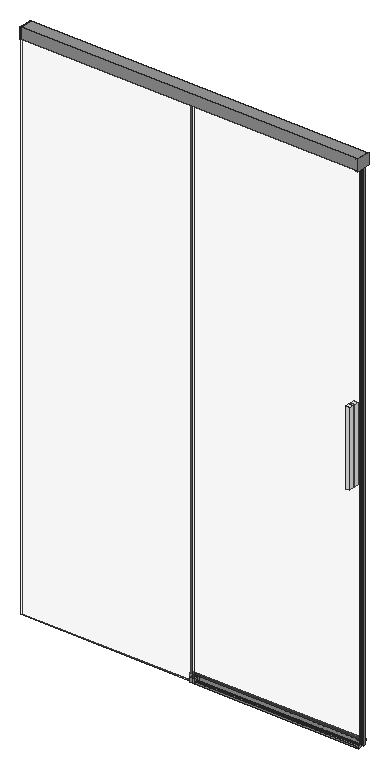
Revit family "Sanitary_Shower-screens_Duscholux_D5Custom20_Slider-door-shower", category Aparatos sanitarios, Revit 2019
Family settings
  Cota de conector redondo = Diámetro de uso
  Tipo de pieza = Normal
  Número OmniClass = 23.45.00.00
  Título OmniClass = Sanitary, Laundry, and Cleaning Equipment
  Se basa en plano de trabajo = No
  Siempre vertical = Sí
  Corte con vacíos al cargar = No
  Compartido = No
  Punto de cálculo de habitación = No
Parameters (values of type "Platinum Aluminium Finish")
  Uper profile guide = Anodized Aluminium_Duscholux Material-Platinum Finish
  URL = "http://www.duscholux.es/"
  Thickness Safety Glass Sliding = 8 mm  # constant formula
  Technical Inspection Certificate (Applus) = "http://www.duscholux.es/resources/custom/var/APPLUS_en.pdf"
  Series = "D5"
  Ref. = "UAL / UAR"
  Products = "http://www.duscholux.es/mamparas_filtro.aspx?es"
  Optional = "Towel rail / Shelf / Customizable Uper profile guide"
  Opening System Image = "http://blob.duscholux.es/pluma512/FDIzq1f1pcorredera.gif"
  Opening System = "Sliding"
  Opening Percentage = 0
  Modelo = "D5 Custom20"
  Maintenance and Cleaning = "http://www.duscholux.es/mamparas_limpieza.aspx?en"
  Image = "https://duscholux.es/resources/custom/img/mamparas/D5%20CUSTOM20/modelos/1F1PFDC/mampara_h.jpg"
  Handle Material = Zamac_Duscholux Material-Chrome Finish
  Glass in Building UNE EN 12150 = "CE Conformity marking"
  Glass Material = Glass_Material-Duscholux
  Frame Material = Anodized Aluminium_Duscholux Material-Platinum Finish
  Fact Sheet = "https://duscholux.blob.core.windows.net/pdf2022/en/Custom1F1PFD.pdf"
  Fabricante = "Duscholux Ibérica, S.A."
  Thickness Safety Glass Fixed Panel = 8 mm  # constant formula
  Environmental Management ISO 14001 = "ECOEMBES Certificate"
  Descripción = "Front 1 fixed + 1 sliding door shower."
  Configuration enclosure = "http://configuratumampara.duscholux.es/eCatalogo.aspx"
  Components = "Eropean components"
  Combinations = "Lateral 90°"
  Código de montaje = "C1030200"
  Certified Quality UNE EN 14428 = "http://www.duscholux.es/duscholux_downloads.aspx?es"
  Opening Door = (((Min Max Width / 2) - 108 mm) * Opening Percentage / 100) + 5.5 mm  # 5.5 mm
  Sliding Door Width = (Min Max Width / 2) - 7.7 mm + 14 mm  # 806.3 mm
  Min Max Width = if(Width < 1160 mm, 1160 mm, if(Width > 2000 mm, 2000 mm, Width))  # 1600 mm
  Width = 1600 mm
  Handle Height = Max Height / 2  # 1250 mm
  Max Height = if(Height > 2500 mm, 2500 mm, Height)  # 2500 mm
  Height = 2500 mm
  Accesories Material = Anodized Aluminium_Duscholux Material-Platinum Finish
Types (4, lengths in mm): name | Uper profile guide | Handle Material | Frame Material | Descripción | Accesories Material
  (no name) | Anodized Aluminium_Duscholux Material-Platinum Finish | Zamac_Duscholux Material-Chrome Finish | Anodized Aluminium_Duscholux Material-Platinum Finish | "Front 1 fixed + 1 sliding door shower." | Anodized Aluminium_Duscholux Material-Platinum Finish
  Matte Silver Aluminium Finish | Anodized Aluminium_Duscholux Material-Matte Silver Finish | Zamac_Duscholux Material-Chrome Finish | Anodized Aluminium_Duscholux Material-Matte Silver Finish | "Front 1 fixed + 1 sliding door shower." | Anodized Aluminium_Duscholux Material-Platinum Finish
  Platinum Aluminium Finish | Anodized Aluminium_Duscholux Material-Platinum Finish | Zamac_Duscholux Material-Chrome Finish | Anodized Aluminium_Duscholux Material-Platinum Finish | "Front 1 fixed + 1 sliding door shower." | Anodized Aluminium_Duscholux Material-Platinum Finish
  Black Aluminium Finish | Anodized Aluminium_Duscholux Material-Black Finish | Anodized Aluminium_Duscholux Material-Black Finish | Anodized Aluminium_Duscholux Material-Black Finish | "Front 1 fixed + 1 sliding door shower" | Anodized Aluminium_Duscholux Material-Black Finish
Reference planes
  plane 1 "Centro (Frontal/Posterior)": y = 0
  plane 2: z = 0
  plane 3 "Centro (Izquierda/Derecha)": x = -5.5
  plane 4: x = 805.5
  plane 5: z = 2500
  plane 6: x = 1591.5
  plane 7: x = -8.5
  plane 8: x = 18
  plane 9: z = 1250
  plane 10: x = 1588.5
  plane 11: x = 791.5
  plane 12: x = 777.25
  plane 13: y = 26.104
  plane 14: x = 1583.5
  plane 15: z = 0
  plane 16: x = 814.5
  plane 17: z = 2448
  plane 18: z = 2453.154
Forms (mm)
  Extrusion 1, solid, material "Glass_Material-Duscholux" <- "Glass Material"
    sketch origin (500, 0, 0) x (1, 0, 0) y (0, 1, 0)
      loop
        line (-508.5, 4) -> (-508.5, -4) -> (305.5, -4) -> (305.5, 4) -> (-508.5, 4)
    from 1.937 to 2453.154
  Extrusion 2, solid, material "Glass_Material-Duscholux" <- "Glass Material"
    sketch origin (-224.786, -5.278, 0) x (1, 0, 0) y (0, 1, 0)
      loop
        line (996.486, 35.382) -> (996.486, 27.382) -> (1802.786, 27.382) -> (1802.786, 35.382) -> (996.486, 35.382)
    from 3.247 to 2448
  Extrusion 3, solid, material "Anodized Aluminium_Duscholux Material-Platinum Finish" <- "Accesories Material", detail levels fine
    sketch origin (-5.5, -2.57, 0) x (0, 1, 0) y (0, 0, 1)
      loop
        line (-2.433, 7.579) -> (-2.433, 0) -> (7.636, 0) -> (7.636, 7.574)
        arc (7.636, 7.574) -> (6.912, 9.32) -> (5.166, 10.043) r 2.47
        line (5.166, 10.043) -> (0.032, 10.043)
        arc (0.032, 10.043) -> (-1.711, 9.321) -> (-2.433, 7.579) r 2.465
    from 820 to 1597
  Extrusion 4, solid, material "Anodized Aluminium_Duscholux Material-Platinum Finish" <- "Uper profile guide"
    sketch origin (-5.5, 0, 0) x (0, 1, 0) y (0, 0, 1)
      loop
        line (-9.997, 2499) -> (-9.997, 2449.124) -> (-7.5, 2449.124) -> (-7.5, 2499) -> (-9.997, 2499)
    from 0 to 1594
  Extrusion 5, solid, material "Anodized Aluminium_Duscholux Material-Platinum Finish" <- "Accesories Material"
    sketch origin (0, 0, 0) x (1, 0, 0) y (0, 1, 0)
      loop
        line (1591.5, 30.913) -> (1584.329, 30.405)
        arc (1584.329, 30.405) -> (1583.739, 30.119) -> (1583.5, 29.508) r 0.9
        line (1583.5, 29.508) -> (1583.5, 22.787)
        arc (1583.5, 22.787) -> (1583.739, 22.176) -> (1584.329, 21.89) r 0.9
        line (1584.329, 21.89) -> (1591.5, 21.382) -> (1591.5, 30.913)
    from 0 to 2448
  Extrusion 6, solid, material "Anodized Aluminium_Duscholux Material-Platinum Finish" <- "Frame Material"
    sketch origin (-5.5, 0, 0) x (0, 1, 0) y (0, 0, 1)
      loop
        line (-9.993, 2500) -> (-9.993, 2499) -> (-7.5, 2499) -> (-7.5, 2449.124) -> (-9.993, 2449.124) -> (-9.993, 2448) -> (-5.497, 2448) -> (-5.497, 2453.154) -> (5.503, 2453.154) -> (5.503, 2448) -> (21.382, 2448) -> (21.382, 2451.5) -> (7.803, 2451.5) -> (7.803, 2489.372) -> (42.403, 2489.372) -> (42.403, 2451.5) -> (33.536, 2451.5) -> (30.913, 2451.5) -> (30.913, 2448) -> (51.003, 2448) -> (51.003, 2500) -> (-9.993, 2500)
    from 0 to 1594
  Extrusion 7, solid, material "Anodized Aluminium_Duscholux Material-Platinum Finish" <- "Accesories Material"
    sketch origin (-5.5, 0, 0) x (0, 1, 0) y (0, 0, 1)
      loop
        line (51.003, 2500) -> (-9.993, 2500) -> (-9.993, 2448) -> (51.003, 2448) -> (51.003, 2500)
    from 1594 to 1597
  Extrusion 8, solid, material "Anodized Aluminium_Duscholux Material-Platinum Finish" <- "Accesories Material"
    sketch origin (-5.5, 0, 0) x (0, 1, 0) y (0, 0, 1)
      loop
        line (51.003, 2500) -> (-9.993, 2500) -> (-9.993, 2448) -> (-5.497, 2448) -> (-5.497, 2453.154) -> (5.503, 2453.154) -> (5.503, 2448) -> (51.003, 2448) -> (51.003, 2500)
    from -3 to 0
  Extrusion 9, solid, material "Anodized Aluminium_Duscholux Material-Platinum Finish" <- "Accesories Material"
    sketch origin (0, 0, 0) x (1, 0, 0) y (0, 1, 0)
      loop
        line (791.5, 6.547) -> (791.5, 4.098) -> (805.5, 4.098) -> (805.5, -4.002) -> (791.5, -4.002) -> (791.5, -6.452)
        arc (791.5, -6.452) -> (791.646, -6.806) -> (792, -6.952) r 0.5
        line (792, -6.952) -> (814, -6.952)
        arc (814, -6.952) -> (814.353, -6.806) -> (814.5, -6.452) r 0.5
        line (814.5, -6.452) -> (814.5, 6.548)
        arc (814.5, 6.548) -> (814.354, 6.901) -> (814, 7.047) r 0.5
        line (814, 7.047) -> (792, 7.047)
        arc (792, 7.047) -> (791.646, 6.901) -> (791.5, 6.547) r 0.5
    from 0 to 23
  Extrusion 10, solid, material "Anodized Aluminium_Duscholux Material-Platinum Finish" <- "Accesories Material"
    sketch origin (50, 0, 0) x (1, 0, 0) y (0, 1, 0)
      loop
        line (742.5, 8.348) -> (742.5, 7.047) -> (763.5, 7.047) -> (763.5, 8.348) -> (742.5, 8.348)
    from 0 to 18.641
  Extrusion 11, solid, material "Anodized Aluminium_Duscholux Material-Platinum Finish" <- "Accesories Material"
    sketch origin (-5.5, -1.517, 0) x (0, 1, 0) y (0, 0, 1)
      loop
        line (18.142, 0) -> (32.674, 0) -> (32.674, 1.937) -> (22.658, 1.937) -> (22.048, 3.247) -> (22.048, 17.613)
        arc (22.048, 17.613) -> (21.323, 18.338) -> (20.598, 17.613) r 0.725
        line (20.598, 17.613) -> (20.598, 2.081)
        arc (20.598, 2.081) -> (19.751, 0.59) -> (18.142, 0) r 2.49
    from 798 to 819
  Extrusion 12, solid, material "Anodized Aluminium_Duscholux Material-Platinum Finish" <- "Accesories Material"
    sketch origin (-5.5, 0, 0) x (0, 1, 0) y (0, 0, 1)
      loop
        line (16.624, 21.54) -> (8.348, 21.54) -> (8.348, 0) -> (16.624, 0)
        arc (16.624, 0) -> (18.234, 0.59) -> (19.08, 2.081) r 2.49
        line (19.08, 2.081) -> (19.08, 18.641)
        arc (19.08, 18.641) -> (18.524, 20.66) -> (16.624, 21.54) r 2.49
    from 797 to 820
  Extrusion 13, solid, material "Anodized Aluminium_Duscholux Material-Platinum Finish" <- "Accesories Material"
    sketch origin (147.305, 0, 0) x (1, 0, 0) y (0, 1, 0)
      loop
        line (1428.243, 30.104) -> (1430.695, 30.104) -> (1430.695, 22.104) -> (1428.243, 22.104) -> (1428.243, 21.295) -> (1435.417, 21.89)
        arc (1435.417, 21.89) -> (1436.005, 22.178) -> (1436.243, 22.787) r 0.9
        line (1436.243, 22.787) -> (1436.243, 29.508)
        arc (1436.243, 29.508) -> (1436.004, 30.119) -> (1435.413, 30.405) r 0.9
        line (1435.413, 30.405) -> (1428.243, 30.913) -> (1428.243, 30.104)
    from 0 to 2448
  Extrusion 14, solid, material "Plástico, transparente", detail levels fine
    sketch origin (-5.5, 0, 0) x (0, 1, 0) y (0, 0, 1)
      loop
        line (53.604, 7.939) -> (30.613, 19.957)
        arc (30.613, 19.957) -> (30.035, 19.897) -> (29.865, 19.34) r 0.526
        line (29.865, 19.34) -> (30.104, 18.42) -> (30.104, 3.247) -> (22.104, 3.247) -> (22.104, 19.859) -> (21.222, 19.757) -> (21.222, 1.937) -> (31.156, 1.937) -> (31.156, 15.691)
        arc (31.156, 15.691) -> (31.449, 16.325) -> (32.121, 16.515) r 0.834
        line (32.121, 16.515) -> (52.104, 6.92) -> (52.104, 1.207)
        arc (52.104, 1.207) -> (52.809, 0.774) -> (53.604, 1.006) r 1.02
        line (53.604, 1.006) -> (53.604, 7.939)
    from 777.2 to 1581.048
Cuts and joins
  joined: Extrusion 9, Extrusion 10
Lines and regions (mm)
  reference lines
    curve 1: line (-5.5, -2.4, 0) -> (-5.5, -2.4, 10)
Dimensions and locks
  "Width": plane 7 to plane 6
  locked: plane 7 to plane 3 "Centro (Izquierda/Derecha)" at 3
  "Handle Height": plane 9 to level
  level to Extrusion 3 = 10.043 mm
  locked: plane 10 to plane 6 at 3
  equal spacing: plane 7, plane 11, plane 6
  locked: plane 11 to plane 4 at 14
  locked: plane 12 to plane 11 at 14.25
  "Max Height": plane 5 to plane 2
  locked: plane 14 to plane 10 at 5
  locked: nested 2 to Extrusion 2 at 45
  locked: Extrusion 9 to Extrusion 2 at 19.753
  locked: plane 11 to plane 16 at 23
  locked: cut or joined group of Extrusion 9, Extrusion 10 to plane 16 at 1
  locked: plane 11 to Extrusion 11 at 1
  "Sliding Door Width": Extrusion 2 to Extrusion 2
  "Opening Door": Extrusion 2 to plane 14
  locked: plane 5 to plane 17 at 52
  locked: plane 5 to plane 18 at 46.846
  locked: Extrusion 14 to Extrusion 13 at 2.452
  aligned and locked: level to plane 2
  aligned and locked: Extrusion 4 to plane 3 "Centro (Izquierda/Derecha)"
  aligned and locked: plane 10 to Extrusion 4
  aligned and locked: plane 10 to Extrusion 6
  aligned and locked: Extrusion 4 to Extrusion 6
  aligned and locked: plane 6 to Extrusion 7
  aligned and locked: Extrusion 7 to plane 10
  aligned and locked: plane 9 to nested 2
  aligned and locked: plane 9 to nested 1
  aligned and locked: Extrusion 8 to plane 7
  aligned and locked: plane 3 "Centro (Izquierda/Derecha)" to Extrusion 8
  aligned and locked: Extrusion 11 to cut or joined group of Extrusion 9, Extrusion 10  (x2)
  aligned and locked: cut or joined group of Extrusion 9, Extrusion 10 to Extrusion 11
  aligned and locked: Extrusion 3 to plane 16
  aligned and locked: Extrusion 3 to Extrusion 12
  aligned and locked: Extrusion 12 to plane 11
  aligned and locked: Extrusion 5 to Extrusion 6
  aligned and locked: Extrusion 6 to plane 17
  aligned and locked: plane 18 to Extrusion 1
  aligned and locked: plane 17 to Extrusion 2
  aligned and locked: plane 6 to Extrusion 3
  aligned and locked: Extrusion 13 to Extrusion 2
  aligned and locked: Extrusion 13 to Extrusion 6
  aligned and locked: Extrusion 2 to Extrusion 14
Automatic sketch dimensions
  Extrusion 1 sketch curve to plane 7 = 0 mm
  Extrusion 1 sketch curve to plane 4 = 0 mm
  plane 1 "Centro (Frontal/Posterior)" to Extrusion 1 sketch curve = 4 mm
  Extrusion 1 sketch curve to plane 1 "Centro (Frontal/Posterior)" = 4 mm
  Extrusion 2 sketch curve to plane 13 = 4 mm
  Extrusion 2 sketch curve to plane 12 = 5.55 mm
  Extrusion 2 sketch curve to plane 14 = 5.5 mm
  plane 13 to Extrusion 2 sketch curve = 4 mm
  curve 1 to level = 0 mm
  plane 1 "Centro (Frontal/Posterior)" to curve 1 = 2.4 mm
  curve 1 to curve 1 = 10 mm
  Extrusion 3 sketch curve to level = 0 mm
  plane 1 "Centro (Frontal/Posterior)" to Extrusion 3 sketch curve = 5.003 mm
  Extrusion 3 sketch curve to Extrusion 3 sketch curve = 2.465 mm
  Extrusion 3 sketch curve to plane 1 "Centro (Frontal/Posterior)" = 2.596 mm
  Extrusion 3 sketch curve to plane 1 "Centro (Frontal/Posterior)" = 5.066 mm
  Extrusion 3 sketch curve to Extrusion 3 sketch curve = 7.574 mm
  plane 17 to Extrusion 4 sketch curve = 1.124 mm
  plane 1 "Centro (Frontal/Posterior)" to Extrusion 4 sketch curve = 9.997 mm
  Extrusion 4 sketch curve to Extrusion 4 sketch curve = 2.497 mm
  Extrusion 4 sketch curve to plane 5 = 1 mm
  Extrusion 5 sketch curve to plane 14 = 0 mm
  Extrusion 5 sketch curve to plane 6 = 0 mm
  plane 14 to Extrusion 5 sketch curve = 0.829 mm  (x2)
  Extrusion 5 sketch curve to Extrusion 5 sketch curve = 0.9 mm
  Extrusion 5 sketch curve to Extrusion 5 sketch curve = 0.071 mm
  Extrusion 5 sketch curve to plane 13 = 4.721 mm
  Extrusion 5 sketch curve to plane 13 = 4.214 mm
  plane 13 to Extrusion 5 sketch curve = 3.404 mm
  plane 13 to Extrusion 5 sketch curve = 4.809 mm
  Extrusion 6 sketch curve to plane 5 = 0 mm
  Extrusion 6 sketch curve to plane 17 = 0 mm  (x3)
  Extrusion 6 sketch curve to plane 18 = 0 mm
  plane 1 "Centro (Frontal/Posterior)" to Extrusion 6 sketch curve = 9.993 mm  (x2)
  plane 17 to Extrusion 6 sketch curve = 1.124 mm
  Extrusion 6 sketch curve to plane 5 = 1 mm
  Extrusion 6 sketch curve to Extrusion 6 sketch curve = 2.493 mm
  Extrusion 6 sketch curve to Extrusion 6 sketch curve = 2.003 mm
  Extrusion 6 sketch curve to plane 1 "Centro (Frontal/Posterior)" = 5.503 mm
  Extrusion 6 sketch curve to plane 1 "Centro (Frontal/Posterior)" = 7.803 mm
  Extrusion 6 sketch curve to plane 13 = 4.721 mm
  Extrusion 6 sketch curve to plane 18 = 1.654 mm  (x2)
  plane 13 to Extrusion 6 sketch curve = 4.809 mm
  Extrusion 6 sketch curve to Extrusion 6 sketch curve = 2.623 mm
  plane 13 to Extrusion 6 sketch curve = 16.3 mm
  Extrusion 6 sketch curve to Extrusion 6 sketch curve = 8.6 mm
  Extrusion 6 sketch curve to plane 5 = 10.628 mm
  Extrusion 7 sketch curve to plane 5 = 0 mm
  Extrusion 7 sketch curve to plane 17 = 0 mm
  plane 1 "Centro (Frontal/Posterior)" to Extrusion 7 sketch curve = 9.993 mm
  plane 13 to Extrusion 7 sketch curve = 24.9 mm
  Extrusion 8 sketch curve to plane 5 = 0 mm
  Extrusion 8 sketch curve to plane 17 = 0 mm  (x2)
  Extrusion 8 sketch curve to plane 18 = 0 mm
  plane 1 "Centro (Frontal/Posterior)" to Extrusion 8 sketch curve = 9.993 mm
  plane 1 "Centro (Frontal/Posterior)" to Extrusion 8 sketch curve = 5.497 mm
  Extrusion 8 sketch curve to plane 1 "Centro (Frontal/Posterior)" = 5.503 mm
  plane 13 to Extrusion 8 sketch curve = 24.9 mm
  Extrusion 9 sketch curve to plane 4 = 0 mm
  Extrusion 9 sketch curve to plane 16 = 0 mm
  plane 11 to Extrusion 9 sketch curve = 0.5 mm  (x2)
  plane 11 to Extrusion 9 sketch curve = 0 mm
  Extrusion 9 sketch curve to plane 11 = 0 mm
  Extrusion 9 sketch curve to plane 16 = 0.5 mm  (x2)
  plane 1 "Centro (Frontal/Posterior)" to Extrusion 9 sketch curve = 6.952 mm
  Extrusion 9 sketch curve to Extrusion 9 sketch curve = 2.45 mm
  Extrusion 9 sketch curve to plane 1 "Centro (Frontal/Posterior)" = 4.098 mm
  Extrusion 9 sketch curve to Extrusion 9 sketch curve = 2.449 mm
  plane 11 to Extrusion 10 sketch curve = 1 mm
  Extrusion 10 sketch curve to plane 16 = 1 mm
  Extrusion 10 sketch curve to plane 1 "Centro (Frontal/Posterior)" = 7.047 mm
  Extrusion 10 sketch curve to Extrusion 10 sketch curve = 1.3 mm
  Extrusion 11 sketch curve to level = 0 mm
  Extrusion 11 sketch curve to plane 13 = 9.479 mm
  Extrusion 11 sketch curve to plane 13 = 7.023 mm
  Extrusion 11 sketch curve to Extrusion 11 sketch curve = 0.725 mm
  level to Extrusion 11 sketch curve = 1.937 mm
  Extrusion 11 sketch curve to Extrusion 11 sketch curve = 0.611 mm
  plane 13 to Extrusion 11 sketch curve = 5.053 mm
  Extrusion 11 sketch curve to Extrusion 11 sketch curve = 0.143 mm
  Extrusion 11 sketch curve to Extrusion 11 sketch curve = 1.31 mm
  Extrusion 11 sketch curve to Extrusion 11 sketch curve = 14.366 mm
  Extrusion 12 sketch curve to level = 0 mm
  Extrusion 12 sketch curve to plane 1 "Centro (Frontal/Posterior)" = 8.348 mm
  Extrusion 12 sketch curve to Extrusion 12 sketch curve = 8.277 mm  (x2)
  level to Extrusion 12 sketch curve = 2.081 mm
  Extrusion 12 sketch curve to Extrusion 12 sketch curve = 2.456 mm
  Extrusion 12 sketch curve to Extrusion 12 sketch curve = 16.152 mm
  Extrusion 12 sketch curve to Extrusion 12 sketch curve = 0.409 mm
  plane 13 to Extrusion 13 sketch curve = 4 mm
  Extrusion 13 sketch curve to plane 14 = 7.952 mm
  Extrusion 13 sketch curve to Extrusion 13 sketch curve = 0 mm
  Extrusion 13 sketch curve to Extrusion 13 sketch curve = 2.452 mm
  Extrusion 13 sketch curve to Extrusion 13 sketch curve = 4.648 mm  (x2)
  plane 13 to Extrusion 13 sketch curve = 4.302 mm
  Extrusion 13 sketch curve to Extrusion 13 sketch curve = 0.071 mm
  Extrusion 13 sketch curve to plane 13 = 4.213 mm
  Extrusion 13 sketch curve to Extrusion 13 sketch curve = 0.074 mm
  Extrusion 13 sketch curve to Extrusion 13 sketch curve = 0.9 mm
  Extrusion 13 sketch curve to plane 13 = 4.809 mm
  Extrusion 13 sketch curve to Extrusion 13 sketch curve = 0.809 mm  (x2)
  level to Extrusion 14 sketch curve = 6.92 mm
  plane 13 to Extrusion 14 sketch curve = 26 mm
  plane 13 to Extrusion 14 sketch curve = 6.017 mm
  Extrusion 14 sketch curve to Extrusion 14 sketch curve = 1.508 mm
  level to Extrusion 14 sketch curve = 7.939 mm
  Extrusion 14 sketch curve to Extrusion 14 sketch curve = 1.5 mm
  level to Extrusion 14 sketch curve = 1.207 mm
  level to Extrusion 14 sketch curve = 16.515 mm
  Extrusion 14 sketch curve to Extrusion 14 sketch curve = 3.442 mm
  level to Extrusion 14 sketch curve = 1.006 mm
  Extrusion 14 sketch curve to Extrusion 14 sketch curve = 0.841 mm
  plane 13 to Extrusion 14 sketch curve = 4 mm
  level to Extrusion 14 sketch curve = 3.247 mm
  Extrusion 14 sketch curve to plane 13 = 4 mm
  Extrusion 14 sketch curve to Extrusion 14 sketch curve = 1.053 mm
  Extrusion 14 sketch curve to Extrusion 14 sketch curve = 1.31 mm
  Extrusion 14 sketch curve to Extrusion 14 sketch curve = 0.824 mm
  Extrusion 14 sketch curve to Extrusion 14 sketch curve = 1.536 mm
  Extrusion 14 sketch curve to Extrusion 14 sketch curve = 0.882 mm
  Extrusion 14 sketch curve to Extrusion 14 sketch curve = 1.336 mm
  Extrusion 14 sketch curve to Extrusion 14 sketch curve = 0.103 mm
  Extrusion 14 sketch curve to Extrusion 14 sketch curve = 0.244 mm
  Extrusion 14 sketch curve to Extrusion 14 sketch curve = 0.466 mm
  Extrusion 14 sketch curve to Extrusion 14 sketch curve = 0.504 mm
Nested families
  nested 1: "Handle-ext-D5" at (1533, 22.104, 1250) x (-1, 0, 0) z (0, -1, 0), type "Handle-ext-D5", detail levels medium+fine
  nested 2: "Handle-int-D5" at (1533, 30.104, 1250) x (1, 0, 0) z (0, 1, 0), type "Handle-int-D5", detail levels medium+fine
Definition of nested family "Handle-ext-D5"
  Parameters (values of type "Handle-ext-D5")
    Long. tirador = 350 mm
    Handle Material = none
    Espesor = 19 mm
    Default Elevation = 1219.2 mm
  Reference planes
    plane 1 "Centro (Frontal/Posterior)": y = 0
    plane 2: z = 0
    plane 3 "Centro (Izquierda/Derecha)": x = 0
    plane 4: y = 175
    plane 5: y = -175
    plane 6: x = -9.5
    plane 7: x = 9.5
    plane 8: z = 0
    plane 9: z = 21
  Forms (mm)
    Extrusion 1, solid
      sketch origin (0, 0, 0) x (1, 0, 0) y (0, 1, 0)
        loop
          line (-1219.2, 1219.2) -> (-1219.2, -1219.2) -> (1219.2, -1219.2) -> (1219.2, 1219.2) -> (-1219.2, 1219.2)
      from 0 to -304.8
    Extrusion 2, solid, material <- "Handle Material"
      sketch origin (0, 0, 0) x (1, 0, 0) y (0, 0, 1)
        loop
          line (-9.5, 21) -> (-9.5, 0) -> (9.5, 0) -> (9.5, 21) -> (-9.5, 21)
      from -175 to 175
  Dimensions and locks
    equal spacing: plane 4, plane 1 "Centro (Frontal/Posterior)", plane 5
    equal spacing: plane 6, plane 3 "Centro (Izquierda/Derecha)", plane 7
    "Espesor": plane 6 to plane 7
    "Long. tirador": plane 4 to plane 5
    locked: plane 9 to Extrusion 1 at 21
    aligned and locked: plane 2 to Extrusion 1
    aligned and locked: level to Extrusion 1
    aligned and locked: plane 9 to Extrusion 2
    aligned and locked: plane 7 to Extrusion 2
    aligned and locked: Extrusion 2 to plane 6
    aligned and locked: Extrusion 2 to Extrusion 1
    aligned and locked: plane 4 to Extrusion 2
    aligned and locked: Extrusion 2 to plane 5
  Automatic sketch dimensions
    Extrusion 1 sketch curve to Extrusion 1 sketch curve = 2438.4 mm  (x2)
    Extrusion 2 sketch curve to plane 6 = 0 mm
    Extrusion 2 sketch curve to level = 0 mm
    Extrusion 2 sketch curve to plane 7 = 0 mm
    Extrusion 2 sketch curve to plane 9 = 0 mm
Definition of nested family "Handle-int-D5"
  Parameters (values of type "Handle-int-D5")
    Long. tirador = 350 mm
    Handle Material = none
    Espesor = 19 mm
    Default Elevation = 1219.2 mm
  Reference planes
    plane 1 "Centro (Frontal/Posterior)": y = 0
    plane 2: z = 0
    plane 3 "Centro (Izquierda/Derecha)": x = 0
    plane 4: y = 175
    plane 5: y = -175
    plane 6: x = -9.5
    plane 7: x = 9.5
    plane 8: z = 0
    plane 9: z = 19
  Forms (mm)
    Extrusion 1, solid
      sketch origin (0, 0, 0) x (1, 0, 0) y (0, 1, 0)
        loop
          line (-1219.2, 1219.2) -> (-1219.2, -1219.2) -> (1219.2, -1219.2) -> (1219.2, 1219.2) -> (-1219.2, 1219.2)
      from 0 to -304.8
    Extrusion 2, solid, material <- "Handle Material"
      sketch origin (0, 0, 0) x (1, 0, 0) y (0, 0, 1)
        loop
          line (-9.5, 19) -> (-9.5, 0) -> (9.5, 0) -> (9.5, 19) -> (-9.5, 19)
      from -175 to 175
  Dimensions and locks
    equal spacing: plane 4, plane 1 "Centro (Frontal/Posterior)", plane 5
    equal spacing: plane 6, plane 3 "Centro (Izquierda/Derecha)", plane 7
    "Espesor": plane 6 to plane 7
    "Long. tirador": plane 4 to plane 5
    locked: plane 9 to Extrusion 1 at 19
    aligned and locked: plane 2 to Extrusion 1
    aligned and locked: level to Extrusion 1
    aligned and locked: plane 9 to Extrusion 2
    aligned and locked: plane 7 to Extrusion 2
    aligned and locked: Extrusion 2 to plane 6
    aligned and locked: Extrusion 2 to Extrusion 1
    aligned and locked: plane 4 to Extrusion 2
    aligned and locked: Extrusion 2 to plane 5
  Automatic sketch dimensions
    Extrusion 1 sketch curve to Extrusion 1 sketch curve = 2438.4 mm  (x2)
    Extrusion 2 sketch curve to plane 6 = 0 mm
    Extrusion 2 sketch curve to level = 0 mm
    Extrusion 2 sketch curve to plane 7 = 0 mm
    Extrusion 2 sketch curve to plane 9 = 0 mm
